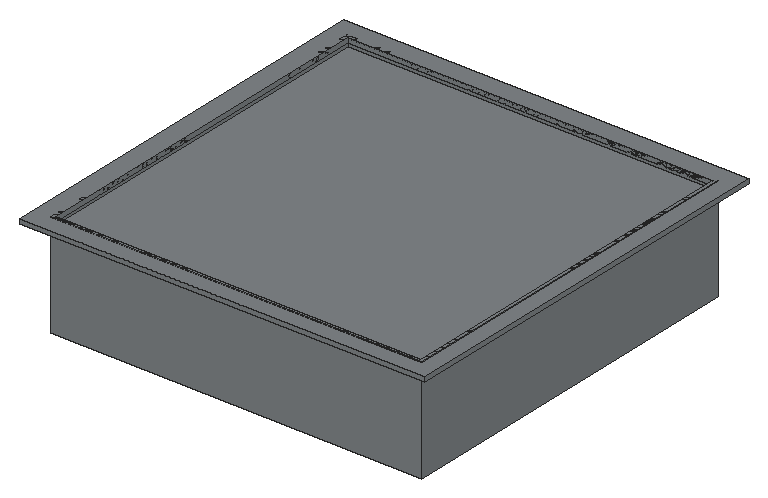
Revit family "Geräteeinsätze GES_Geräteeinsatz_Revisionsabdeckung ZES9", category Generic Models, Revit 2015
Parameters (values of type "ZES9-2 U10T 7011")
  Width 2 = 242 mm
  Width = 264 mm
  URL = "http://www.obo-bettermann.com"
  Material = Plastic RAL 7011
  Manufacturer Art. No. = "7406672"
  Manufacturer = "OBO Bettermann"
  Height = 65 mm
  GTIN = "4012195870265"
  Article Type = "ZES9-2 U10T 7011"
Types (4, lengths in mm): name | Material | Manufacturer Art. No. | GTIN | Article Type
  (no name) | Plastic RAL 7011 | "7406672" | "4012195870265" | "ZES9-2 U10T 7011"
  ZES9-2 U10T 9011 | Plastic RAL 9011 | "7406674" | "4012195870272" | "ZES9-2 U10T 9011"
  ZES9-2 U10T 7011 | Plastic RAL 7011 | "7406672" | "4012195870265" | "ZES9-2 U10T 7011"
  ZES9-2 U10T 1019 | Plastic RAL 1019 | "7406676" | "4012195870289" | "ZES9-2 U10T 1019"
Reference planes
  plane 1 "Center (Front/Back)": y = 0
  plane 2: z = 0
  plane 3 "Center (Left/Right)": x = 0
  plane 4: z = -65
  plane 5: x = -132
  plane 6: x = 132
  plane 7: y = 132
  plane 8: y = -132
  plane 9: z = 3
  plane 10: y = 121
  plane 11: y = -121
  plane 12: x = -121
  plane 13: x = 121
  plane 14: y = 119
  plane 15: x = -119
  plane 16: x = 119
  plane 17: z = -2
  plane 18: x = -100
  plane 19: x = 100
  plane 20: y = -100
  plane 21: y = 100
  plane 22: z = -9
  plane 23: y = -118
  plane 24: y = -119
Forms (mm)
  Extrusion 1, solid, material "Plastic RAL 7011" <- "Material"
    sketch origin (0, 0, 0) x (1, 0, 0) y (0, 1, 0)
      loop
        line (-132, 132) -> (-132, -132) -> (132, -132) -> (132, 132) -> (-132, 132)
    from 3 to 0
  Extrusion 2, solid, material "Plastic RAL 7011" <- "Material"
    sketch origin (0, 0, 0) x (1, 0, 0) y (0, 1, 0)
      loop
        line (-121, 121) -> (-121, -121) -> (121, -121) -> (121, 121) -> (-121, 121)
    from -65 to 3
  Extrusion 3, void
    sketch origin (0, 0, 0) x (1, 0, 0) y (0, 1, 0)
      loop
        line (100, 100) -> (-100, 100) -> (-100, -100) -> (100, -100) -> (100, 100)
    from -65 to -9
  Extrusion 4, void
    sketch origin (0, 0, 0) x (1, 0, 0) y (0, 1, 0)
      loop
        line (119, 119) -> (-119, 119) -> (-119, -119) -> (119, -119) -> (119, 119)
    from -2 to 3
Cuts and joins
  Extrusion 3, Extrusion 4 cuts Extrusion 1
  Extrusion 3, Extrusion 4 cuts Extrusion 2
Lines and regions (mm)
  model lines
    curve 1: line (-132, -132, 0) -> (-132, 132, 0)
    curve 2: line (-132, 132, 0) -> (132, 132, 0)
    curve 3: line (132, 132, 0) -> (132, -132, 0)
    curve 4: line (132, -132, 0) -> (-132, -132, 0)
    curve 5: line (-121, 121, 0) -> (121, 121, 0)
    curve 6: line (121, 121, 0) -> (121, -121, 0)
    curve 7: line (121, -121, 0) -> (-121, -121, 0)
    curve 8: line (-121, -121, 0) -> (-121, 121, 0)
    curve 9: line (-119, 119, 0) -> (119, 119, 0)
    curve 10: line (119, 119, 0) -> (119, -119, 0)
    curve 11: line (-119, -119, 0) -> (-119, 119, 0)
    curve 12: line (-100, 100, 0) -> (-100, -100, 0)
    curve 13: line (-100, -100, 0) -> (100, -100, 0)
    curve 14: line (100, -100, 0) -> (100, 100, 0)
    curve 15: line (100, 100, 0) -> (-100, 100, 0)
    curve 16: line (-61.5, -118, 0) -> (-60.5, -118, 0)
    curve 17: line (-119, -119, 0) -> (119, -119, 0)
Dimensions and locks
  "Height": plane 4 to level
  locked: level to plane 9 at 3
  locked: plane 17 to plane 9 at 5
  locked: plane 22 to plane 9 at 12
  equal spacing: plane 5, plane 3 "Center (Left/Right)", plane 6
  "Width": plane 5 to plane 6
  equal spacing: plane 7, plane 1 "Center (Front/Back)", plane 8
  "Width": plane 7 to plane 8
  equal spacing: plane 12, plane 3 "Center (Left/Right)", plane 13
  "Width 2": plane 12 to plane 13
  equal spacing: plane 10, plane 1 "Center (Front/Back)", plane 11
  "Width 2": plane 10 to plane 11
  locked: plane 12 to plane 18 at 21
  locked: plane 19 to plane 13 at 21
  locked: plane 10 to plane 21 at 21
  locked: plane 7 to plane 14 at 13
  locked: plane 16 to plane 6 at 13
  locked: plane 5 to plane 15 at 13
  locked: plane 8 to plane 24 at 13
  locked: plane 20 to plane 11 at 21
  aligned and locked: level to plane 2
  aligned and locked: plane 5 to curve 1
  aligned and locked: curve 2 to plane 7
  aligned and locked: curve 3 to plane 6
  aligned and locked: plane 8 to curve 4
  aligned and locked: Extrusion 1 sketch curve to curve 2
  aligned and locked: Extrusion 1 sketch curve to curve 3
  aligned and locked: Extrusion 1 sketch curve to curve 4
  aligned and locked: Extrusion 1 sketch curve to curve 1
  aligned and locked: Extrusion 1 to plane 9
  aligned and locked: level to Extrusion 1
  aligned and locked: curve 5 to plane 10
  aligned and locked: curve 6 to plane 13
  aligned and locked: plane 11 to curve 7
  aligned and locked: curve 8 to plane 12
  aligned and locked: Extrusion 2 sketch curve to curve 5
  aligned and locked: Extrusion 2 sketch curve to curve 8
  aligned and locked: Extrusion 2 sketch curve to curve 6
  aligned and locked: Extrusion 2 sketch curve to curve 7
  aligned and locked: Extrusion 2 to plane 4
  aligned and locked: plane 9 to Extrusion 2
  aligned and locked: curve 9 to plane 14
  aligned and locked: curve 10 to plane 16
  aligned and locked: plane 15 to curve 11
  aligned and locked: curve 12 to plane 18
  aligned and locked: curve 13 to plane 20
  aligned and locked: plane 19 to curve 14
  aligned and locked: plane 21 to curve 15
  aligned and locked: Extrusion 3 sketch curve to curve 15
  aligned and locked: Extrusion 3 sketch curve to curve 12
  aligned and locked: Extrusion 3 sketch curve to curve 13
  aligned and locked: Extrusion 3 sketch curve to curve 14
  aligned and locked: Extrusion 3 to plane 4
  aligned and locked: plane 22 to Extrusion 3
  aligned and locked: curve 16 to plane 23
  aligned and locked: curve 17 to curve 10
  aligned and locked: Extrusion 4 sketch curve to curve 9
  aligned and locked: Extrusion 4 sketch curve to curve 11
  aligned and locked: Extrusion 4 sketch curve to curve 17
  aligned and locked: Extrusion 4 sketch curve to curve 10
  aligned and locked: Extrusion 4 to plane 17
  aligned and locked: plane 9 to Extrusion 4
Automatic sketch dimensions
  curve 12 to plane 18 = 0 mm
  plane 24 to curve 17 = 0 mm
  plane 18 to curve 16 = 38.5 mm
  curve 16 to curve 16 = 1 mm
